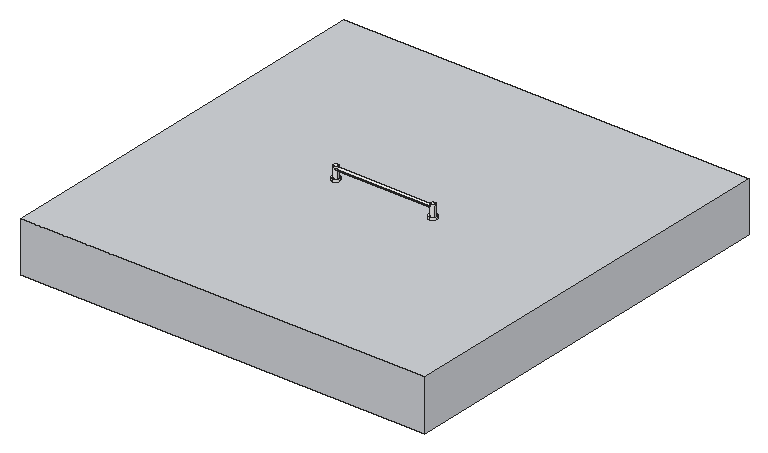
Revit family
Parameters
  URL = "http://caroma.com.au/bathrooms/bathroom-accessories/cosmo/cosmo-metal-single-towel-rail-600mm"
  Model = "Cosmo Single Towel Rail - 600mm"
  Manufacturer = "Caroma"
  Description = "Contemporary style doesn’t have to mean edges and angles with the Caroma Cosmo Accessory range. Offering a stylish design with smooth, clean lines at a surprisingly economical price, Cosmo Accessories create the perfect finishing touch for any bathroom."
  Default Elevation = 0 mm
  Caroma Rail Material = Caroma Chrome
Reference planes
  plane 1 "Center (Front/Back)": y = 0
  plane 2: z = 0
  plane 3 "Center (Left/Right)": x = 0
  plane 4 "Left": x = -292.377
  plane 5 "Right": x = 293.166
Forms (mm)
  Extrusion 1, solid
    sketch origin (0, 0, 0) x (1, 0, 0) y (0, 1, 0)
      loop
        line (-1219.2, 1219.2) -> (-1219.2, -1219.2) -> (1219.2, -1219.2) -> (1219.2, 1219.2) -> (-1219.2, 1219.2)
    from 0 to -304.8
  Extrusion 2, solid, material "Caroma Chrome" <- "Caroma Rail Material"
    sketch origin (-143.46, 0, 0) x (1, 0, 0) y (0, 1, 0)
      loop
        circle (-148.917, 0) r 22.944
      loop
        circle (436.626, 0) r 22.944
    from 0 to 11
  Extrusion 3, solid, material "Caroma Chrome" <- "Caroma Rail Material"
    sketch origin (-143.46, 0, 0) x (1, 0, 0) y (0, 1, 0)
      loop
        circle (-148.917, 0) r 12.5
      loop
        circle (436.626, 0) r 12.5
    from 0 to 76
  Extrusion 4, solid, material "Caroma Chrome" <- "Caroma Rail Material"
    sketch origin (-292.377, -26.334, -62.829) x (0, -1, 0) y (0, 0, 1)
      loop
        circle (-26.334, 125.83) r 8
    from -585.542 to 0
Lines and regions (mm)
  Masking region 1
    outline origin (-292.377, 0, 0) x (0, -1, 0) y (0, 0, 1)
      loop
        line (-22.944, 0) -> (22.944, 0) -> (22.944, 11) -> (12.496, 11) -> (12.496, 76)
        arc (12.496, 76) -> (-0.002, 77) -> (-12.5, 76) r 78.601
        line (-12.5, 76) -> (-12.5, 11) -> (-22.944, 11) -> (-22.944, 0)
  Masking region 2
    outline origin (0, 0, 0) x (1, 0, 0) y (0, 0, 1)
      loop
        line (-315.32, 0) -> (-269.433, 0) -> (-269.433, 11) -> (-279.948, 11) -> (-279.948, 55.001) -> (280.661, 55) -> (280.661, 11) -> (269.802, 11) -> (269.802, 0) -> (316.11, 0) -> (316.11, 11) -> (305.769, 11) -> (305.769, 75.984)
        arc (305.769, 75.984) -> (293.22, 76.965) -> (280.661, 76.125) r 87.014
        line (280.661, 76.125) -> (280.661, 71.204) -> (-279.877, 71.204) -> (-279.877, 76)
        arc (-279.877, 76) -> (-292.537, 76.987) -> (-305.198, 76) r 81.68
        line (-305.198, 76) -> (-305.198, 11) -> (-315.32, 11) -> (-315.32, 0)
  symbolic lines, style "Caroma Bathroom Accessories"
    curve 1: line (-292.377, 12.5, 11) -> (-292.377, -12.496, 11)
    curve 2: line (-304.695, 0, 11) -> (-279.948, 0, 11)
    curve 3: line (-269.433, 0, 11) -> (-269.433, 0, 0)
    curve 4: line (305.769, 0, 11) -> (279.802, 0, 11)
    curve 5: line (-279.877, 0, 55.001) -> (266.354, 0, 55.001)
    curve 6: arc (-279.877, 0, 71.262) -> (-283.094, 0, 63.132) -> (-279.877, 0, 55.001) r 11.881
    curve 7: arc (279.802, 0, 71) -> (282.669, 0, 63) -> (279.802, 0, 55) r 12.594
Dimensions and locks
  aligned and locked: plane 2 to Extrusion 1
  aligned and locked: level to Extrusion 1
  aligned and locked: plane 1 "Center (Front/Back)" to Extrusion 2
  aligned and locked: plane 1 "Center (Front/Back)" to Extrusion 3
  aligned and locked: Extrusion 4 to plane 5 "Right"
  aligned and locked: plane 4 "Left" to Extrusion 4
  aligned and locked: plane 1 "Center (Front/Back)" to Extrusion 4 sketch curve
